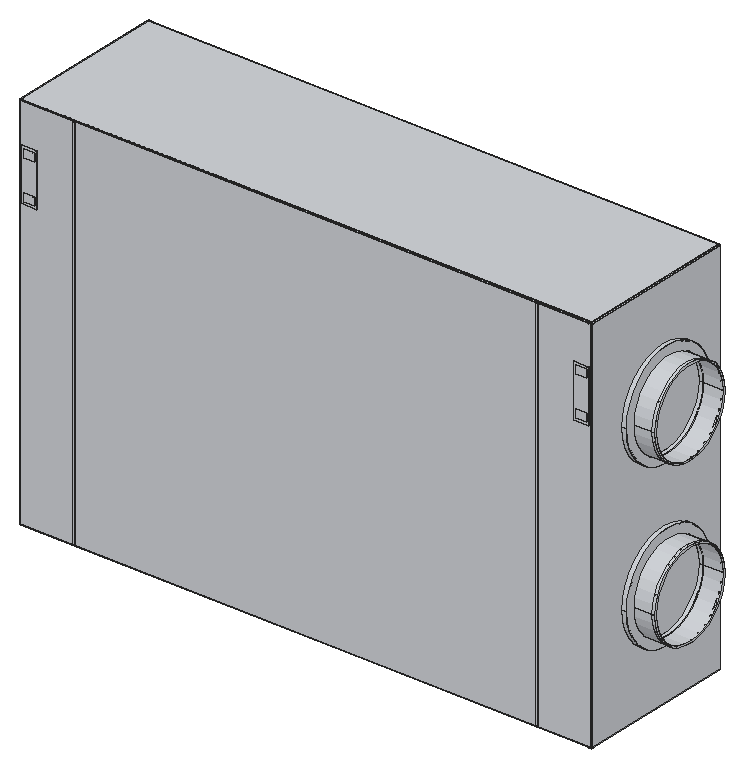
Revit family "Flexit Nordic CL 4 R E 800 R 230", category Mechanical Equipment, Revit 2018
Family settings
  Round Connector Dimension = Use Radius
  Part Type = Normal
  Work Plane-Based = No
  Always vertical = Yes
  Cut with Voids When Loaded = No
  Shared = No
  Room Calculation Point = No
Parameters
  magiProductId = "Flexit Nordic CL 4 R E 800 R 230"
  magiPartTypeId = 210
  magiFamilyGeom = MagiCAD_Flexit Nordic CL 4 R E 800 R 230 : MagiCAD_Flexit Nordic CL 4 R E 800 R 230
  Ytelse  SFP-sum vinter [instance] = "1.42 kJ/m³"
  Weight = 0.00 kg
  Vifte, tilluft  Vinter  Vifteinstilling [instance] = "58 %"
  Vifte, tilluft  Sommer  Vifteinstilling [instance] = ""
  Vifte, avtrekksluft  Vinter  Vifteinstilling [instance] = "59 %"
  Vifte, avtrekksluft  Sommer  Vifteinstilling [instance] = ""
  VersionID = "1.0/2021.0"
  Varmegjenvinning  Vinter  Komponentvirkningsgrad, tilluft (EN308) [instance] = "81.8 %"
  Varmegjenvinning  Sommer  Komponentvirkningsgrad, tilluft (EN308) [instance] = ""
  Varmegjenvinning  Sommer  Aggregatvirkningsgrad, tilluft (EN13141-7) [instance] = ""
  Uteluft [instance] = "160 mm"
  Tilluftskanal, vinter [instance] = "41 51 58 55 55 56 50 41 dB(A)"
  Tilluft  Trykkfall vinter [instance] = 100.0 Pa
  Tilluft  Luftmengde vinter [instance] = "0.0556 m³/s"
  Tilluft [instance] = "160 mm"
  Supply 1 Sound power level [instance] = "67 67 66 59 55 55 49 42 dB"
  Supply 1 Pressure drop min [instance] = 90.0 Pa
  Supply 1 Pressure drop max [instance] = 110.0 Pa
  Supply 1 Pressure drop [instance] = 100.0 Pa
  Supply 1 Airflow operation point min [instance] = 52.7778 L/s
  Supply 1 Airflow operation point max [instance] = 58.3333 L/s
  Supply 1 Airflow min [instance] = 22.0 L/s
  Supply 1 Airflow max [instance] = 113.0 L/s
  Supply 1 Airflow [instance] = 55.5556 L/s
  Resultater  Vekt [instance] = "62 kg"
  Productdata [instance] = "© MagiCAD Group, all rights reserved"
  Pressure rise, supply [instance] = 100.0 Pa
  Pressure rise, extract [instance] = 100.0 Pa
  Outdoor 1 Sound power level [instance] = "67 67 66 59 55 55 49 42 dB"
  Outdoor 1 Pressure drop min [instance] = 0.0 Pa
  Outdoor 1 Pressure drop max [instance] = 0.0 Pa
  Outdoor 1 Pressure drop [instance] = 0.0 Pa
  Outdoor 1 Airflow operation point min [instance] = 52.7778 L/s
  Outdoor 1 Airflow operation point max [instance] = 58.3333 L/s
  Outdoor 1 Airflow min [instance] = 22.0 L/s
  Outdoor 1 Airflow max [instance] = 113.0 L/s
  Outdoor 1 Airflow [instance] = 55.5556 L/s
  Omgivelse, vinter [instance] = "26 30 40 39 35 37 34 24 dB(A)"
  Kjøkkenkanal [instance] = "125 mm"
  Himling, vinter [instance] = "26 25 34 28 26 28 24 14 dB(A)"
  Generelt  Informasjon [instance] = ""
  Generelt  Beskrivelse / Plassering [instance] = ""
  Extract 9 Sound power level [instance] = "60 62 58 47 39 37 27 23 dB"
  Extract 9 Pressure drop min [instance] = 0.0 Pa
  Extract 9 Pressure drop max [instance] = 0.0 Pa
  Extract 9 Pressure drop [instance] = 0.0 Pa
  Extract 9 Airflow operation point min [instance] = 52.7778 L/s
  Extract 9 Airflow operation point max [instance] = 58.3333 L/s
  Extract 9 Airflow min [instance] = 22.0 L/s
  Extract 9 Airflow max [instance] = 113.0 L/s
  Extract 9 Airflow [instance] = 55.5556 L/s
  Extract 1 Sound power level [instance] = "60 62 58 47 39 37 27 23 dB"
  Extract 1 Pressure drop min [instance] = 90.0 Pa
  Extract 1 Pressure drop max [instance] = 110.0 Pa
  Extract 1 Pressure drop [instance] = 100.0 Pa
  Extract 1 Airflow operation point min [instance] = 52.7778 L/s
  Extract 1 Airflow operation point max [instance] = 58.3333 L/s
  Extract 1 Airflow min [instance] = 22.0 L/s
  Extract 1 Airflow max [instance] = 113.0 L/s
  Extract 1 Airflow [instance] = 55.5556 L/s
  Exhaust 1 Sound power level [instance] = "60 62 58 47 39 37 27 23 dB"
  Exhaust 1 Pressure drop min [instance] = 0.0 Pa
  Exhaust 1 Pressure drop max [instance] = 0.0 Pa
  Exhaust 1 Pressure drop [instance] = 0.0 Pa
  Exhaust 1 Airflow operation point min [instance] = 52.7778 L/s
  Exhaust 1 Airflow operation point max [instance] = 58.3333 L/s
  Exhaust 1 Airflow min [instance] = 22.0 L/s
  Exhaust 1 Airflow max [instance] = 113.0 L/s
  Exhaust 1 Airflow [instance] = 55.5556 L/s
  Dimensjoner [instance] = "1149x296x767 mm"
  Avtrekkskanal, vinter [instance] = "34 46 50 43 39 39 28 22 dB(A)"
  Avtrekk  Trykkfall vinter [instance] = 100.0 Pa
  Avtrekk  Luftmengde vinter [instance] = "0.0556 m³/s"
  Avtrekk [instance] = "160 mm"
  Avkast [instance] = "160 mm"
Reference planes
  plane 1 "Center (Front/Back)": y = 0
  plane 2: z = 0
  plane 3 "Center (Left/Right)": x = 0
Forms (mm)
  Extrusion 1, solid, not visible
    sketch origin (0, 163, 267) x (0, -1, 0) y (0, 0, 1)
      loop
        line (-15.24, -15.24) -> (15.24, -15.24) -> (15.24, 15.24) -> (-15.24, 15.24) -> (-15.24, -15.24)
    from 0 to -30.48
  Extrusion 2, solid, not visible
    sketch origin (1149, 163, 567) x (0, 1, 0) y (0, 0, 1)
      loop
        line (15.24, 15.24) -> (-15.24, 15.24) -> (-15.24, -15.24) -> (15.24, -15.24) -> (15.24, 15.24)
    from 0 to -30.48
  Extrusion 3, solid, not visible
    sketch origin (0, 163, 567) x (0, -1, 0) y (0, 0, 1)
      loop
        line (-15.24, -15.24) -> (15.24, -15.24) -> (15.24, 15.24) -> (-15.24, 15.24) -> (-15.24, -15.24)
    from 0 to -30.48
  Extrusion 4, solid, not visible
    sketch origin (861, 163, 0) x (0, 1, 0) y (1, 0, 0)
      loop
        line (-15.24, 15.24) -> (-15.24, -15.24) -> (15.24, -15.24) -> (15.24, 15.24) -> (-15.24, 15.24)
    from 0 to -30.48
  Extrusion 5, solid, not visible
    sketch origin (1149, 163, 267) x (0, 1, 0) y (0, 0, 1)
      loop
        line (15.24, 15.24) -> (-15.24, 15.24) -> (-15.24, -15.24) -> (15.24, -15.24) -> (15.24, 15.24)
    from 0 to -30.48
Text (mm)
  text "© MagiCAD Group, all rights reserved" at (-487.68, -1524, 0), in view "Ref. Level"
Nested families
  nested 1: "MagiCAD_Flexit Nordic CL 4 R E 800 R 230" at (0, 0, 0), type <- "magiFamilyGeom", type "MagiCAD_Flexit Nordic CL 4 R E 800 R 230"
Connectors
  hvac at (0, 163, 267)
    settings: on Extrusion 1, index 1, duct flow 0.0 L/s, flow factor 0, pres drop 0.0 Pa, loss coef 0, conn angle 0.00°, conn width 304.8 mm, conn height 304.8 mm, conn diameter 160 mm, duct sys type 1, conn prof type 0, flow config 0, flow direction 2, loss method 0, conn ref index -1, conn util no, is conn primary yes, conn desc "Supply 1"
  hvac at (1149, 163, 567)
    settings: on Extrusion 2, index 2, duct flow 0.0 L/s, flow factor 0, pres drop 0.0 Pa, loss coef 0, conn angle 0.00°, conn width 304.8 mm, conn height 304.8 mm, conn diameter 160 mm, duct sys type 1, conn prof type 0, flow config 0, flow direction 1, loss method 0, conn ref index -1, conn util no, is conn primary no, conn desc "Outdoor 1"
  hvac at (0, 163, 567)
    settings: on Extrusion 3, index 3, duct flow 0.0 L/s, flow factor 0, pres drop 0.0 Pa, loss coef 0, conn angle 0.00°, conn width 304.8 mm, conn height 304.8 mm, conn diameter 160 mm, duct sys type 2, conn prof type 0, flow config 0, flow direction 1, loss method 0, conn ref index -1, conn util no, is conn primary no, conn desc "Extract 1"
  hvac at (861, 163, 0)
    settings: on Extrusion 4, index 4, duct flow 0.0 L/s, flow factor 0, pres drop 0.0 Pa, loss coef 0, conn angle 0.00°, conn width 304.8 mm, conn height 304.8 mm, conn diameter 125 mm, duct sys type 2, conn prof type 0, flow config 0, flow direction 1, loss method 0, conn ref index -1, conn util no, is conn primary no, conn desc "Extract 9"
  hvac at (1149, 163, 267)
    settings: on Extrusion 5, index 5, duct flow 0.0 L/s, flow factor 0, pres drop 0.0 Pa, loss coef 0, conn angle 0.00°, conn width 304.8 mm, conn height 304.8 mm, conn diameter 160 mm, duct sys type 3, conn prof type 0, flow config 0, flow direction 2, loss method 0, conn ref index -1, conn util no, is conn primary no, conn desc "Exhaust 1"
Definition of nested family "MagiCAD_Flexit Nordic CL 4 R E 800 R 230"
  Reference planes
    plane 1 "Center (Front/Back)": y = 0
    plane 2: z = 0
    plane 3 "Center (Left/Right)": x = 0
  Forms (mm)
    Extrusion 1, solid
      sketch origin (1099.5, 163, 267) x (0, 1, 0) y (0, 0, 1)
        loop
          circle (0, 0) r 79.9
      from 0 to 2
    Extrusion 2, void
      sketch origin (1099.5, 163, 267) x (0, 1, 0) y (0, 0, 1)
        loop
          circle (0, 0) r 79.7
      from 0.2 to 2
    Extrusion 3, solid
      sketch origin (1099.5, 163, 267) x (0, 1, 0) y (0, 0, 1)
        loop
          circle (0, 0) r 80
      from 0 to 49.5
    Extrusion 4, void
      sketch origin (1099.5, 163, 267) x (0, 1, 0) y (0, 0, 1)
        loop
          circle (0, 0) r 79.8
      from 0 to 49.5
    Extrusion 5, solid
      sketch origin (1099.5, 163, 267) x (0, 1, 0) y (0, 0, 1)
        loop
          circle (0, 0) r 96
      from 0 to 10
    Extrusion 6, void
      sketch origin (1099.5, 163, 267) x (0, 1, 0) y (0, 0, 1)
        loop
          circle (0, 0) r 95.8
      from 0 to 10
    Extrusion 7, solid
      sketch origin (1144.05, 163, 267) x (0, 1, 0) y (0, 0, 1)
        loop
          circle (0, 0) r 80.05
      from 0 to 4.95
    Extrusion 8, void
      sketch origin (1144.05, 163, 267) x (0, 1, 0) y (0, 0, 1)
        loop
          circle (0, 0) r 79.85
      from 0 to 4.95
    Extrusion 9, solid
      sketch origin (49.5, 163, 567) x (0, -1, 0) y (0, 0, 1)
        loop
          circle (0, 0) r 79.9
      from 0 to 2
    Extrusion 10, void
      sketch origin (49.5, 163, 567) x (0, -1, 0) y (0, 0, 1)
        loop
          circle (0, 0) r 79.7
      from 0.2 to 2
    Extrusion 11, solid
      sketch origin (49.5, 163, 567) x (0, -1, 0) y (0, 0, 1)
        loop
          circle (0, 0) r 80
      from 0 to 49.5
    Extrusion 12, void
      sketch origin (49.5, 163, 567) x (0, -1, 0) y (0, 0, 1)
        loop
          circle (0, 0) r 79.8
      from 0 to 49.5
    Extrusion 13, solid
      sketch origin (49.5, 163, 567) x (0, -1, 0) y (0, 0, 1)
        loop
          circle (0, 0) r 96
      from 0 to 10
    Extrusion 14, void
      sketch origin (49.5, 163, 567) x (0, -1, 0) y (0, 0, 1)
        loop
          circle (0, 0) r 95.8
      from 0 to 10
    Extrusion 15, solid
      sketch origin (4.95, 163, 567) x (0, -1, 0) y (0, 0, 1)
        loop
          circle (0, 0) r 80.05
      from 0 to 4.95
    Extrusion 16, void
      sketch origin (4.95, 163, 567) x (0, -1, 0) y (0, 0, 1)
        loop
          circle (0, 0) r 79.85
      from 0 to 4.95
    Extrusion 17, solid
      sketch origin (1099.5, 163, 567) x (0, 1, 0) y (0, 0, 1)
        loop
          circle (0, 0) r 79.9
      from 0 to 2
    Extrusion 18, void
      sketch origin (1099.5, 163, 567) x (0, 1, 0) y (0, 0, 1)
        loop
          circle (0, 0) r 79.7
      from 0.2 to 2
    Extrusion 19, solid
      sketch origin (1099.5, 163, 567) x (0, 1, 0) y (0, 0, 1)
        loop
          circle (0, 0) r 80
      from 0 to 49.5
    Extrusion 20, void
      sketch origin (1099.5, 163, 567) x (0, 1, 0) y (0, 0, 1)
        loop
          circle (0, 0) r 79.8
      from 0 to 49.5
    Extrusion 21, solid
      sketch origin (1099.5, 163, 567) x (0, 1, 0) y (0, 0, 1)
        loop
          circle (0, 0) r 96
      from 0 to 10
    Extrusion 22, void
      sketch origin (1099.5, 163, 567) x (0, 1, 0) y (0, 0, 1)
        loop
          circle (0, 0) r 95.8
      from 0 to 10
    Extrusion 23, solid
      sketch origin (1144.05, 163, 567) x (0, 1, 0) y (0, 0, 1)
        loop
          circle (0, 0) r 80.05
      from 0 to 4.95
    Extrusion 24, void
      sketch origin (1144.05, 163, 567) x (0, 1, 0) y (0, 0, 1)
        loop
          circle (0, 0) r 79.85
      from 0 to 4.95
    Extrusion 25, solid
      sketch origin (49.5, 163, 267) x (0, -1, 0) y (0, 0, 1)
        loop
          circle (0, 0) r 79.9
      from 0 to 2
    Extrusion 26, void
      sketch origin (49.5, 163, 267) x (0, -1, 0) y (0, 0, 1)
        loop
          circle (0, 0) r 79.7
      from 0.2 to 2
    Extrusion 27, solid
      sketch origin (49.5, 163, 267) x (0, -1, 0) y (0, 0, 1)
        loop
          circle (0, 0) r 80
      from 0 to 49.5
    Extrusion 28, void
      sketch origin (49.5, 163, 267) x (0, -1, 0) y (0, 0, 1)
        loop
          circle (0, 0) r 79.8
      from 0 to 49.5
    Extrusion 29, solid
      sketch origin (49.5, 163, 267) x (0, -1, 0) y (0, 0, 1)
        loop
          circle (0, 0) r 96
      from 0 to 10
    Extrusion 30, void
      sketch origin (49.5, 163, 267) x (0, -1, 0) y (0, 0, 1)
        loop
          circle (0, 0) r 95.8
      from 0 to 10
    Extrusion 31, solid
      sketch origin (4.95, 163, 267) x (0, -1, 0) y (0, 0, 1)
        loop
          circle (0, 0) r 80.05
      from 0 to 4.95
    Extrusion 32, void
      sketch origin (4.95, 163, 267) x (0, -1, 0) y (0, 0, 1)
        loop
          circle (0, 0) r 79.85
      from 0 to 4.95
    Extrusion 33, solid
      sketch origin (861, 163, 67) x (0, 1, 0) y (1, 0, 0)
        loop
          circle (0, 0) r 62.4
      from 0 to 2
    Extrusion 34, void
      sketch origin (861, 163, 67) x (0, 1, 0) y (1, 0, 0)
        loop
          circle (0, 0) r 62.2
      from 0.2 to 2
    Extrusion 35, solid
      sketch origin (861, 163, 67) x (0, 1, 0) y (1, 0, 0)
        loop
          circle (0, 0) r 62.5
      from 0 to 67
    Extrusion 36, void
      sketch origin (861, 163, 67) x (0, 1, 0) y (1, 0, 0)
        loop
          circle (0, 0) r 62.3
      from 0 to 67
    Extrusion 37, solid
      sketch origin (861, 163, 67) x (0, 1, 0) y (1, 0, 0)
        loop
          circle (0, 0) r 75
      from 0 to 10
    Extrusion 38, void
      sketch origin (861, 163, 67) x (0, 1, 0) y (1, 0, 0)
        loop
          circle (0, 0) r 74.8
      from 0 to 10
    Extrusion 39, solid
      sketch origin (861, 163, 6.7) x (0, 1, 0) y (1, 0, 0)
        loop
          circle (0, 0) r 62.55
      from 0 to 6.7
    Extrusion 40, void
      sketch origin (861, 163, 6.7) x (0, 1, 0) y (1, 0, 0)
        loop
          circle (0, 0) r 62.35
      from 0 to 6.7
    Extrusion 41, solid
      sketch origin (1109.5, 163, 267) x (0, 1, 0) y (0, 0, 1)
        loop
          circle (0, 0) r 80.05
        loop
          circle (0, 0) r 96
      from -0.1 to 0.1
    Extrusion 42, solid
      sketch origin (1101.5, 163, 267) x (0, 1, 0) y (0, 0, 1)
        loop
          circle (0, 0) r 79.9
      from -0.1 to 0.1
    Extrusion 43, solid
      sketch origin (1149, 163, 267) x (0, 1, 0) y (0, 0, 1)
        loop
          circle (0, 0) r 78
        loop
          circle (0, 0) r 80
      from -0.1 to 0.1
    Extrusion 44, solid
      sketch origin (39.5, 163, 567) x (0, -1, 0) y (0, 0, 1)
        loop
          circle (0, 0) r 80.05
        loop
          circle (0, 0) r 96
      from -0.1 to 0.1
    Extrusion 45, solid
      sketch origin (47.5, 163, 567) x (0, -1, 0) y (0, 0, 1)
        loop
          circle (0, 0) r 79.9
      from -0.1 to 0.1
    Extrusion 46, solid
      sketch origin (0, 163, 567) x (0, -1, 0) y (0, 0, 1)
        loop
          circle (0, 0) r 78
        loop
          circle (0, 0) r 80
      from -0.1 to 0.1
    Extrusion 47, solid
      sketch origin (1109.5, 163, 567) x (0, 1, 0) y (0, 0, 1)
        loop
          circle (0, 0) r 80.05
        loop
          circle (0, 0) r 96
      from -0.1 to 0.1
    Extrusion 48, solid
      sketch origin (1101.5, 163, 567) x (0, 1, 0) y (0, 0, 1)
        loop
          circle (0, 0) r 79.9
      from -0.1 to 0.1
    Extrusion 49, solid
      sketch origin (1149, 163, 567) x (0, 1, 0) y (0, 0, 1)
        loop
          circle (0, 0) r 78
        loop
          circle (0, 0) r 80
      from -0.1 to 0.1
    Extrusion 50, solid
      sketch origin (39.5, 163, 267) x (0, -1, 0) y (0, 0, 1)
        loop
          circle (0, 0) r 80.05
        loop
          circle (0, 0) r 96
      from -0.1 to 0.1
    Extrusion 51, solid
      sketch origin (47.5, 163, 267) x (0, -1, 0) y (0, 0, 1)
        loop
          circle (0, 0) r 79.9
      from -0.1 to 0.1
    Extrusion 52, solid
      sketch origin (0, 163, 267) x (0, -1, 0) y (0, 0, 1)
        loop
          circle (0, 0) r 75.05
        loop
          circle (0, 0) r 80
      from -0.1 to 0.1
    Extrusion 53, solid
      sketch origin (861, 163, 57) x (0, 1, 0) y (1, 0, 0)
        loop
          circle (0, 0) r 62.55
        loop
          circle (0, 0) r 75
      from -0.1 to 0.1
    Extrusion 54, solid
      sketch origin (861, 163, 65) x (0, 1, 0) y (1, 0, 0)
        loop
          circle (0, 0) r 62.4
      from -0.1 to 0.1
    Extrusion 55, solid
      sketch origin (861, 163, 0) x (0, 1, 0) y (1, 0, 0)
        loop
          circle (0, 0) r 60.5
        loop
          circle (0, 0) r 62.5
      from -0.1 to 0.1
    Extrusion 56, solid
      sketch origin (51.5, 294, 765) x (1, 0, 0) y (0, 1, 0)
        loop
          line (1046, 0) -> (1046, 2) -> (0, 2) -> (0, 0) -> (1046, 0)
      from -0.1 to 0.1
    Extrusion 57, solid
      sketch origin (51.5, 294, 767) x (0, 0, 1) y (1, 0, 0)
        loop
          line (0, 1046) -> (-2, 1046) -> (-2, 0) -> (0, 0) -> (0, 1046)
      from -0.1 to 0.1
    Extrusion 58, solid
      sketch origin (51.5, 296, 765) x (1, 0, 0) y (0, -0.707107, 0.707107)
        loop
          line (1046, 0) -> (1046, 2.828) -> (0, 2.828) -> (0, 0) -> (1046, 0)
      from -0.1 to 0.1
    Extrusion 59, solid
      sketch origin (1097.5, 294, 765) x (0, 1, 0) y (0, 0, 1)
        loop
          line (2, 0) -> (0, 2) -> (0, 0) -> (2, 0)
      from -0.1 to 0.1
    Extrusion 60, solid
      sketch origin (51.5, 294, 765) x (0, 1, 0) y (0, 0, 1)
        loop
          line (2, 0) -> (0, 2) -> (0, 0) -> (2, 0)
      from -0.1 to 0.1
    Extrusion 61, solid
      sketch origin (51.5, 294, 69) x (0, 0, 1) y (1, 0, 0)
        loop
          line (0, 1046) -> (-2, 1046) -> (-2, 0) -> (0, 0) -> (0, 1046)
      from -0.1 to 0.1
    Extrusion 62, solid
      sketch origin (51.5, 296, 69) x (0, 1, 0) y (1, 0, 0)
        loop
          line (0, 1046) -> (-2, 1046) -> (-2, 0) -> (0, 0) -> (0, 1046)
      from -0.1 to 0.1
    Extrusion 63, solid
      sketch origin (51.5, 294, 67) x (1, 0, 0) y (0, 0.707107, 0.707107)
        loop
          line (1046, 0) -> (1046, 2.828) -> (0, 2.828) -> (0, 0) -> (1046, 0)
      from -0.1 to 0.1
    Extrusion 64, solid
      sketch origin (1097.5, 294, 69) x (0, 1, 0) y (0, 0, 1)
        loop
          line (0, -2) -> (2, 0) -> (0, 0) -> (0, -2)
      from -0.1 to 0.1
    Extrusion 65, solid
      sketch origin (51.5, 294, 69) x (0, 1, 0) y (0, 0, 1)
        loop
          line (0, -2) -> (2, 0) -> (0, 0) -> (0, -2)
      from -0.1 to 0.1
    Extrusion 66, solid
      sketch origin (1097.5, 294, 765) x (0, 1, 0) y (0, 0, 1)
        loop
          line (0, -696) -> (2, -696) -> (2, 0) -> (0, 0) -> (0, -696)
      from -0.1 to 0.1
    Extrusion 67, solid
      sketch origin (1099.5, 294, 765) x (0, 0, 1) y (1, 0, 0)
        loop
          line (-696, 0) -> (-696, -2) -> (0, -2) -> (0, 0) -> (-696, 0)
      from -0.1 to 0.1
    Extrusion 68, solid
      sketch origin (1097.5, 296, 765) x (0.707107, -0.707107, 0) y (0, 0, 1)
        loop
          line (0, -696) -> (2.828, -696) -> (2.828, 0) -> (0, 0) -> (0, -696)
      from -0.1 to 0.1
    Extrusion 69, solid
      sketch origin (1097.5, 294, 69) x (0, 1, 0) y (1, 0, 0)
        loop
          line (2, 0) -> (0, 2) -> (0, 0) -> (2, 0)
      from -0.1 to 0.1
    Extrusion 70, solid
      sketch origin (1097.5, 294, 765) x (0, 1, 0) y (1, 0, 0)
        loop
          line (2, 0) -> (0, 2) -> (0, 0) -> (2, 0)
      from -0.1 to 0.1
    Extrusion 71, solid
      sketch origin (51.5, 294, 765) x (0, 1, 0) y (0, 0, 1)
        loop
          line (0, -696) -> (2, -696) -> (2, 0) -> (0, 0) -> (0, -696)
      from -0.1 to 0.1
    Extrusion 72, solid
      sketch origin (49.5, 294, 765) x (0, 0, -1) y (1, 0, 0)
        loop
          line (696, 0) -> (696, 2) -> (0, 2) -> (0, 0) -> (696, 0)
      from -0.1 to 0.1
    Extrusion 73, solid
      sketch origin (51.5, 296, 765) x (0.707107, 0.707107, 0) y (0, 0, -1)
        loop
          line (0, 696) -> (-2.828, 696) -> (-2.828, 0) -> (0, 0) -> (0, 696)
      from -0.1 to 0.1
    Extrusion 74, solid
      sketch origin (51.5, 294, 69) x (1, 0, 0) y (0, 1, 0)
        loop
          line (0, 2) -> (-2, 0) -> (0, 0) -> (0, 2)
      from -0.1 to 0.1
    Extrusion 75, solid
      sketch origin (51.5, 294, 765) x (1, 0, 0) y (0, 1, 0)
        loop
          line (0, 2) -> (-2, 0) -> (0, 0) -> (0, 2)
      from -0.1 to 0.1
    Extrusion 76, solid
      sketch origin (1097.5, 2, 765) x (0, 0, -1) y (1, 0, 0)
        loop
          line (696, 0) -> (696, 2) -> (0, 2) -> (0, 0) -> (696, 0)
      from -0.1 to 0.1
    Extrusion 77, solid
      sketch origin (1097.5, 0, 765) x (0, 1, 0) y (0, 0, 1)
        loop
          line (0, -696) -> (2, -696) -> (2, 0) -> (0, 0) -> (0, -696)
      from -0.1 to 0.1
    Extrusion 78, solid
      sketch origin (1099.5, 2, 765) x (0.707107, 0.707107, 0) y (0, 0, -1)
        loop
          line (0, 696) -> (-2.828, 696) -> (-2.828, 0) -> (0, 0) -> (0, 696)
      from -0.1 to 0.1
    Extrusion 79, solid
      sketch origin (1097.5, 2, 69) x (0, 1, 0) y (1, 0, 0)
        loop
          line (0, 2) -> (-2, 0) -> (0, 0) -> (0, 2)
      from -0.1 to 0.1
    Extrusion 80, solid
      sketch origin (1097.5, 2, 765) x (0, 1, 0) y (1, 0, 0)
        loop
          line (0, 2) -> (-2, 0) -> (0, 0) -> (0, 2)
      from -0.1 to 0.1
    Extrusion 81, solid
      sketch origin (51.5, 2, 765) x (0, 0, 1) y (1, 0, 0)
        loop
          line (-696, 0) -> (-696, -2) -> (0, -2) -> (0, 0) -> (-696, 0)
      from -0.1 to 0.1
    Extrusion 82, solid
      sketch origin (51.5, 0, 765) x (0, 1, 0) y (0, 0, 1)
        loop
          line (0, -696) -> (2, -696) -> (2, 0) -> (0, 0) -> (0, -696)
      from -0.1 to 0.1
    Extrusion 83, solid
      sketch origin (49.5, 2, 765) x (0.707107, -0.707107, 0) y (0, 0, 1)
        loop
          line (0, -696) -> (2.828, -696) -> (2.828, 0) -> (0, 0) -> (0, -696)
      from -0.1 to 0.1
    Extrusion 84, solid
      sketch origin (51.5, 2, 69) x (1, 0, 0) y (0, 1, 0)
        loop
          line (-2, 0) -> (0, -2) -> (0, 0) -> (-2, 0)
      from -0.1 to 0.1
    Extrusion 85, solid
      sketch origin (51.5, 2, 765) x (1, 0, 0) y (0, 1, 0)
        loop
          line (-2, 0) -> (0, -2) -> (0, 0) -> (-2, 0)
      from -0.1 to 0.1
    Extrusion 86, solid
      sketch origin (51.5, 2, 765) x (0, 0, -1) y (1, 0, 0)
        loop
          line (0, 1046) -> (-2, 1046) -> (-2, 0) -> (0, 0) -> (0, 1046)
      from -0.1 to 0.1
    Extrusion 87, solid
      sketch origin (51.5, 0, 765) x (1, 0, 0) y (0, 1, 0)
        loop
          line (1046, 0) -> (1046, 2) -> (0, 2) -> (0, 0) -> (1046, 0)
      from -0.1 to 0.1
    Extrusion 88, solid
      sketch origin (51.5, 2, 767) x (1, 0, 0) y (0, -0.707107, -0.707107)
        loop
          line (1046, 0) -> (1046, 2.828) -> (0, 2.828) -> (0, 0) -> (1046, 0)
      from -0.1 to 0.1
    Extrusion 89, solid
      sketch origin (1097.5, 2, 765) x (0, 1, 0) y (0, 0, 1)
        loop
          line (0, 2) -> (-2, 0) -> (0, 0) -> (0, 2)
      from -0.1 to 0.1
    Extrusion 90, solid
      sketch origin (51.5, 2, 765) x (0, 1, 0) y (0, 0, 1)
        loop
          line (0, 2) -> (-2, 0) -> (0, 0) -> (0, 2)
      from -0.1 to 0.1
    Extrusion 91, solid
      sketch origin (51.5, 2, 69) x (0, 1, 0) y (1, 0, 0)
        loop
          line (0, 1046) -> (-2, 1046) -> (-2, 0) -> (0, 0) -> (0, 1046)
      from -0.1 to 0.1
    Extrusion 92, solid
      sketch origin (51.5, 2, 67) x (0, 0, -1) y (1, 0, 0)
        loop
          line (0, 1046) -> (-2, 1046) -> (-2, 0) -> (0, 0) -> (0, 1046)
      from -0.1 to 0.1
    Extrusion 93, solid
      sketch origin (51.5, 0, 69) x (1, 0, 0) y (0, 0.707107, -0.707107)
        loop
          line (1046, 0) -> (1046, 2.828) -> (0, 2.828) -> (0, 0) -> (1046, 0)
      from -0.1 to 0.1
    Extrusion 94, solid
      sketch origin (1097.5, 2, 69) x (0, 1, 0) y (0, 0, 1)
        loop
          line (-2, 0) -> (0, -2) -> (0, 0) -> (-2, 0)
      from -0.1 to 0.1
    Extrusion 95, solid
      sketch origin (51.5, 2, 69) x (0, 1, 0) y (0, 0, 1)
        loop
          line (-2, 0) -> (0, -2) -> (0, 0) -> (-2, 0)
      from -0.1 to 0.1
    Extrusion 96, solid
      sketch origin (1097.5, 2, 765) x (0, 1, 0) y (0, 0, 1)
        loop
          line (292, 0) -> (292, 2) -> (0, 2) -> (0, 0) -> (292, 0)
      from -0.1 to 0.1
    Extrusion 97, solid
      sketch origin (1099.5, 2, 765) x (1, 0, 0) y (0, 1, 0)
        loop
          line (0, 292) -> (-2, 292) -> (-2, 0) -> (0, 0) -> (0, 292)
      from -0.1 to 0.1
    Extrusion 98, solid
      sketch origin (1097.5, 2, 767) x (0.707107, 0, -0.707107) y (0, -1, 0)
        loop
          line (0, -292) -> (2.828, -292) -> (2.828, 0) -> (0, 0) -> (0, -292)
      from -0.1 to 0.1
    Extrusion 99, solid
      sketch origin (1097.5, 294, 765) x (0, 0, 1) y (1, 0, 0)
        loop
          line (2, 0) -> (0, 2) -> (0, 0) -> (2, 0)
      from -0.1 to 0.1
    Extrusion 100, solid
      sketch origin (1097.5, 2, 765) x (0, 0, 1) y (1, 0, 0)
        loop
          line (2, 0) -> (0, 2) -> (0, 0) -> (2, 0)
      from -0.1 to 0.1
    Extrusion 101, solid
      sketch origin (1097.5, 2, 69) x (0, 1, 0) y (1, 0, 0)
        loop
          line (292, 0) -> (292, 2) -> (0, 2) -> (0, 0) -> (292, 0)
      from -0.1 to 0.1
    Extrusion 102, solid
      sketch origin (1097.5, 2, 67) x (0, 1, 0) y (0, 0, 1)
        loop
          line (292, 0) -> (292, 2) -> (0, 2) -> (0, 0) -> (292, 0)
      from -0.1 to 0.1
    Extrusion 103, solid
      sketch origin (1099.5, 2, 69) x (0.707107, 0, 0.707107) y (0, 1, 0)
        loop
          line (0, 292) -> (-2.828, 292) -> (-2.828, 0) -> (0, 0) -> (0, 292)
      from -0.1 to 0.1
    Extrusion 104, solid
      sketch origin (1097.5, 294, 69) x (0, 0, 1) y (1, 0, 0)
        loop
          line (0, 2) -> (-2, 0) -> (0, 0) -> (0, 2)
      from -0.1 to 0.1
    Extrusion 105, solid
      sketch origin (1097.5, 2, 69) x (0, 0, 1) y (1, 0, 0)
        loop
          line (0, 2) -> (-2, 0) -> (0, 0) -> (0, 2)
      from -0.1 to 0.1
    Extrusion 106, solid
      sketch origin (51.5, 2, 765) x (0, 1, 0) y (0, 0, 1)
        loop
          line (292, 0) -> (292, 2) -> (0, 2) -> (0, 0) -> (292, 0)
      from -0.1 to 0.1
    Extrusion 107, solid
      sketch origin (49.5, 2, 765) x (0, 1, 0) y (1, 0, 0)
        loop
          line (292, 0) -> (292, 2) -> (0, 2) -> (0, 0) -> (292, 0)
      from -0.1 to 0.1
    Extrusion 108, solid
      sketch origin (51.5, 2, 767) x (0.707107, 0, 0.707107) y (0, 1, 0)
        loop
          line (0, 292) -> (-2.828, 292) -> (-2.828, 0) -> (0, 0) -> (0, 292)
      from -0.1 to 0.1
    Extrusion 109, solid
      sketch origin (51.5, 294, 765) x (0, 0, -1) y (1, 0, 0)
        loop
          line (-2, 0) -> (0, -2) -> (0, 0) -> (-2, 0)
      from -0.1 to 0.1
    Extrusion 110, solid
      sketch origin (51.5, 2, 765) x (0, 0, -1) y (1, 0, 0)
        loop
          line (-2, 0) -> (0, -2) -> (0, 0) -> (-2, 0)
      from -0.1 to 0.1
    Extrusion 111, solid
      sketch origin (51.5, 2, 69) x (1, 0, 0) y (0, 1, 0)
        loop
          line (0, 292) -> (-2, 292) -> (-2, 0) -> (0, 0) -> (0, 292)
      from -0.1 to 0.1
    Extrusion 112, solid
      sketch origin (51.5, 2, 67) x (0, 1, 0) y (0, 0, 1)
        loop
          line (292, 0) -> (292, 2) -> (0, 2) -> (0, 0) -> (292, 0)
      from -0.1 to 0.1
    Extrusion 113, solid
      sketch origin (49.5, 2, 69) x (0.707107, 0, -0.707107) y (0, -1, 0)
        loop
          line (0, -292) -> (2.828, -292) -> (2.828, 0) -> (0, 0) -> (0, -292)
      from -0.1 to 0.1
    Extrusion 114, solid
      sketch origin (51.5, 294, 69) x (0, 0, -1) y (1, 0, 0)
        loop
          line (0, -2) -> (2, 0) -> (0, 0) -> (0, -2)
      from -0.1 to 0.1
    Extrusion 115, solid
      sketch origin (51.5, 2, 69) x (0, 0, -1) y (1, 0, 0)
        loop
          line (0, -2) -> (2, 0) -> (0, 0) -> (0, -2)
      from -0.1 to 0.1
    Extrusion 116, solid
      sketch origin (51.5, 2, 765) x (0, -1, 0) y (0, 0, 1)
        loop
          line (0, 2) -> (-292, 2) -> (-292, 0) -> (0, 0) -> (0, 2)
      from -0.1 to 0.1
    Extrusion 117, solid
      sketch origin (1097.5, 2, 765) x (0, 0, -1) y (1, 0, 0)
        loop
          line (-2, 0) -> (-2, -1046) -> (0, -1046) -> (0, 0) -> (-2, 0)
      from -0.1 to 0.1
    Extrusion 118, solid
      sketch origin (1097.5, 294, 765) x (0, 1, 0) y (0, 0, 1)
        loop
          line (0, 2) -> (-292, 2) -> (-292, 0) -> (0, 0) -> (0, 2)
      from -0.1 to 0.1
    Extrusion 119, solid
      sketch origin (51.5, 294, 765) x (0, 0, 1) y (1, 0, 0)
        loop
          line (2, 0) -> (2, 1046) -> (0, 1046) -> (0, 0) -> (2, 0)
      from -0.1 to 0.1
    Extrusion 120, solid
      sketch origin (1097.5, 2, 767) x (1, 0, 0) y (0, 1, 0)
        loop
          line (0, 292) -> (-1046, 292) -> (-1046, 0) -> (0, 0) -> (0, 292)
      from -0.1 to 0.1
    Extrusion 121, solid
      sketch origin (1097.5, 2, 765) x (1, 0, 0) y (0, 1, 0)
        loop
          line (0, 292) -> (-1046, 292) -> (-1046, 0) -> (0, 0) -> (0, 292)
      from -0.1 to 0.1
    Extrusion 122, solid
      sketch origin (51.5, 2, 69) x (0, 0, 1) y (1, 0, 0)
        loop
          line (0, -2) -> (696, -2) -> (696, 0) -> (0, 0) -> (0, -2)
      from -0.1 to 0.1
    Extrusion 123, solid
      sketch origin (51.5, 294, 69) x (1, 0, 0) y (0, 1, 0)
        loop
          line (-2, 0) -> (-2, -292) -> (0, -292) -> (0, 0) -> (-2, 0)
      from -0.1 to 0.1
    Extrusion 124, solid
      sketch origin (51.5, 294, 765) x (0, 0, -1) y (1, 0, 0)
        loop
          line (0, -2) -> (696, -2) -> (696, 0) -> (0, 0) -> (0, -2)
      from -0.1 to 0.1
    Extrusion 125, solid
      sketch origin (51.5, 2, 765) x (0, 1, 0) y (1, 0, 0)
        loop
          line (0, -2) -> (292, -2) -> (292, 0) -> (0, 0) -> (0, -2)
      from -0.1 to 0.1
    Extrusion 126, solid
      sketch origin (49.5, 2, 69) x (0, -1, 0) y (0, 0, 1)
        loop
          line (0, 696) -> (-292, 696) -> (-292, 0) -> (0, 0) -> (0, 696)
      from -0.1 to 0.1
    Extrusion 127, solid
      sketch origin (51.5, 2, 69) x (0, -1, 0) y (0, 0, 1)
        loop
          line (0, 696) -> (-292, 696) -> (-292, 0) -> (0, 0) -> (0, 696)
      from -0.1 to 0.1
    Extrusion 128, solid
      sketch origin (51.5, 294, 69) x (0, 1, 0) y (0, 0, 1)
        loop
          line (2, 0) -> (2, 696) -> (0, 696) -> (0, 0) -> (2, 0)
      from -0.1 to 0.1
    Extrusion 129, solid
      sketch origin (1097.5, 294, 69) x (1, 0, 0) y (0, 1, 0)
        loop
          line (0, 2) -> (-1046, 2) -> (-1046, 0) -> (0, 0) -> (0, 2)
      from -0.1 to 0.1
    Extrusion 130, solid
      sketch origin (1097.5, 294, 765) x (0, -1, 0) y (0, 0, 1)
        loop
          line (-2, 0) -> (-2, -696) -> (0, -696) -> (0, 0) -> (-2, 0)
      from -0.1 to 0.1
    Extrusion 131, solid
      sketch origin (51.5, 294, 765) x (0, 1, 0) y (1, 0, 0)
        loop
          line (2, 0) -> (2, 1046) -> (0, 1046) -> (0, 0) -> (2, 0)
      from -0.1 to 0.1
    Extrusion 132, solid
      sketch origin (51.5, 296, 69) x (0, 0, 1) y (1, 0, 0)
        loop
          line (696, 0) -> (696, 1046) -> (0, 1046) -> (0, 0) -> (696, 0)
      from -0.1 to 0.1
    Extrusion 133, solid
      sketch origin (51.5, 294, 69) x (0, 0, 1) y (1, 0, 0)
        loop
          line (696, 0) -> (696, 1046) -> (0, 1046) -> (0, 0) -> (696, 0)
      from -0.1 to 0.1
    Extrusion 134, solid
      sketch origin (1097.5, 294, 69) x (0, 0, -1) y (1, 0, 0)
        loop
          line (0, 2) -> (-696, 2) -> (-696, 0) -> (0, 0) -> (0, 2)
      from -0.1 to 0.1
    Extrusion 135, solid
      sketch origin (1097.5, 2, 69) x (1, 0, 0) y (0, 1, 0)
        loop
          line (2, 0) -> (2, 292) -> (0, 292) -> (0, 0) -> (2, 0)
      from -0.1 to 0.1
    Extrusion 136, solid
      sketch origin (1097.5, 2, 765) x (0, 0, 1) y (1, 0, 0)
        loop
          line (0, 2) -> (-696, 2) -> (-696, 0) -> (0, 0) -> (0, 2)
      from -0.1 to 0.1
    Extrusion 137, solid
      sketch origin (1097.5, 294, 765) x (0, 1, 0) y (1, 0, 0)
        loop
          line (0, 2) -> (-292, 2) -> (-292, 0) -> (0, 0) -> (0, 2)
      from -0.1 to 0.1
    Extrusion 138, solid
      sketch origin (1099.5, 294, 69) x (0, 1, 0) y (0, 0, 1)
        loop
          line (0, 696) -> (-292, 696) -> (-292, 0) -> (0, 0) -> (0, 696)
      from -0.1 to 0.1
    Extrusion 139, solid
      sketch origin (1097.5, 294, 69) x (0, 1, 0) y (0, 0, 1)
        loop
          line (0, 696) -> (-292, 696) -> (-292, 0) -> (0, 0) -> (0, 696)
      from -0.1 to 0.1
    Extrusion 140, solid
      sketch origin (51.5, 2, 69) x (0, 1, 0) y (0, 0, 1)
        loop
          line (0, -2) -> (292, -2) -> (292, 0) -> (0, 0) -> (0, -2)
      from -0.1 to 0.1
    Extrusion 141, solid
      sketch origin (1097.5, 2, 69) x (0, 0, 1) y (1, 0, 0)
        loop
          line (-2, 0) -> (-2, -1046) -> (0, -1046) -> (0, 0) -> (-2, 0)
      from -0.1 to 0.1
    Extrusion 142, solid
      sketch origin (1097.5, 294, 69) x (0, -1, 0) y (0, 0, 1)
        loop
          line (0, -2) -> (292, -2) -> (292, 0) -> (0, 0) -> (0, -2)
      from -0.1 to 0.1
    Extrusion 143, solid
      sketch origin (51.5, 294, 69) x (0, 0, -1) y (1, 0, 0)
        loop
          line (2, 0) -> (2, 1046) -> (0, 1046) -> (0, 0) -> (2, 0)
      from -0.1 to 0.1
    Extrusion 144, solid
      sketch origin (51.5, 2, 67) x (0, 1, 0) y (1, 0, 0)
        loop
          line (292, 0) -> (292, 1046) -> (0, 1046) -> (0, 0) -> (292, 0)
      from -0.1 to 0.1
    Extrusion 145, solid
      sketch origin (51.5, 2, 69) x (0, 1, 0) y (1, 0, 0)
        loop
          line (292, 0) -> (292, 1046) -> (0, 1046) -> (0, 0) -> (292, 0)
      from -0.1 to 0.1
    Extrusion 146, solid
      sketch origin (1097.5, 296, 765) x (0.816497, -0.408248, -0.408248) y (0, -0.707107, 0.707107)
        loop
          line (2.449, 1.414) -> (0, 2.828) -> (0, 0) -> (2.449, 1.414)
      from -0.1 to 0.1
    Extrusion 147, solid
      sketch origin (1097.5, 2, 67) x (0.816497, 0.408248, 0.408248) y (0, 0.707107, -0.707107)
        loop
          line (0, -2.828) -> (2.449, -1.414) -> (0, 0) -> (0, -2.828)
      from -0.1 to 0.1
    Extrusion 148, solid
      sketch origin (1099.5, 2, 765) x (0.816497, 0.408248, -0.408248) y (0, 0.707107, 0.707107)
        loop
          line (-2.449, 1.414) -> (-2.449, -1.414) -> (0, 0) -> (-2.449, 1.414)
      from -0.1 to 0.1
    Extrusion 149, solid
      sketch origin (51.5, 296, 765) x (0.816497, 0.408248, 0.408248) y (0, 0.707107, -0.707107)
        loop
          line (-2.449, -1.414) -> (0, -2.828) -> (0, 0) -> (-2.449, -1.414)
      from -0.1 to 0.1
    Extrusion 150, solid
      sketch origin (49.5, 294, 69) x (0.816497, 0.408248, -0.408248) y (0, -0.707107, -0.707107)
        loop
          line (2.449, -1.414) -> (2.449, 1.414) -> (0, 0) -> (2.449, -1.414)
      from -0.1 to 0.1
    Extrusion 151, solid
      sketch origin (49.5, 2, 765) x (0.816497, -0.408248, 0.408248) y (0, 0.707107, 0.707107)
        loop
          line (2.449, -1.414) -> (2.449, 1.414) -> (0, 0) -> (2.449, -1.414)
      from -0.1 to 0.1
    Extrusion 152, solid
      sketch origin (1097.5, 0, 765) x (0, 0, -1) y (1, 0, 0)
        loop
          line (0, -1046) -> (696, -1046) -> (696, 0) -> (0, 0) -> (0, -1046)
      from -0.1 to 0.1
    Extrusion 153, solid
      sketch origin (1097.5, 294, 67) x (0.816497, -0.408248, 0.408248) y (0, 0.707107, 0.707107)
        loop
          line (2.449, 1.414) -> (0, 2.828) -> (0, 0) -> (2.449, 1.414)
      from -0.1 to 0.1
    Extrusion 154, solid
      sketch origin (51.5, 2, 67) x (0.816497, -0.408248, -0.408248) y (0, 0.707107, -0.707107)
        loop
          line (-2.449, -1.414) -> (0, -2.828) -> (0, 0) -> (-2.449, -1.414)
      from -0.1 to 0.1
    Extrusion 155, solid
      sketch origin (997.25, -0.1, 765) x (0, 0, 1) y (1, 0, 0)
        loop
          line (0, 4) -> (-696, 4) -> (-696, 0) -> (0, 0) -> (0, 4)
      from -0.1 to 0.1
    Extrusion 156, solid
      sketch origin (151.75, -0.1, 765) x (0, 0, -1) y (1, 0, 0)
        loop
          line (0, -4) -> (696, -4) -> (696, 0) -> (0, 0) -> (0, -4)
      from -0.1 to 0.1
    Extrusion 157, solid
      sketch origin (1066.219, -0.1, 692.813) x (0, 0, 1) y (1, 0, 0)
        loop
          line (0, 28.875) -> (-96.25, 28.875) -> (-96.25, 0) -> (0, 0) -> (0, 28.875)
      from -0.1 to 0.1
    Extrusion 158, solid
      sketch origin (82.781, -0.1, 692.813) x (0, 0, -1) y (1, 0, 0)
        loop
          line (0, -28.875) -> (96.25, -28.875) -> (96.25, 0) -> (0, 0) -> (0, -28.875)
      from -0.1 to 0.1
    Extrusion 159, solid
      sketch origin (1071.031, -0.2, 615.813) x (0, 0, 1) y (1, 0, 0)
        loop
          line (0, 19.25) -> (-14.437, 19.25) -> (-14.437, 0) -> (0, 0) -> (0, 19.25)
      from -0.1 to 0.1
    Extrusion 160, solid
      sketch origin (1071.031, -0.2, 673.562) x (0, 0, -1) y (1, 0, 0)
        loop
          line (0, 19.25) -> (-14.437, 19.25) -> (-14.437, 0) -> (0, 0) -> (0, 19.25)
      from -0.1 to 0.1
    Extrusion 161, solid
      sketch origin (77.969, -0.2, 615.813) x (0, 0, -1) y (1, 0, 0)
        loop
          line (0, -19.25) -> (14.437, -19.25) -> (14.437, 0) -> (0, 0) -> (0, -19.25)
      from -0.1 to 0.1
    Extrusion 162, solid
      sketch origin (77.969, -0.2, 673.562) x (0, 0, 1) y (1, 0, 0)
        loop
          line (0, -19.25) -> (14.437, -19.25) -> (14.437, 0) -> (0, 0) -> (0, -19.25)
      from -0.1 to 0.1
  Cuts and joins
    Extrusion 2 cuts Extrusion 1
    Extrusion 4 cuts Extrusion 3
    Extrusion 6 cuts Extrusion 5
    Extrusion 8 cuts Extrusion 7
    Extrusion 10 cuts Extrusion 9
    Extrusion 12 cuts Extrusion 11
    Extrusion 14 cuts Extrusion 13
    Extrusion 16 cuts Extrusion 15
    Extrusion 18 cuts Extrusion 17
    Extrusion 20 cuts Extrusion 19
    Extrusion 22 cuts Extrusion 21
    Extrusion 24 cuts Extrusion 23
    Extrusion 26 cuts Extrusion 25
    Extrusion 28 cuts Extrusion 27
    Extrusion 30 cuts Extrusion 29
    Extrusion 32 cuts Extrusion 31
    Extrusion 34 cuts Extrusion 33
    Extrusion 36 cuts Extrusion 35
    Extrusion 38 cuts Extrusion 37
    Extrusion 40 cuts Extrusion 39
  Lines and regions (mm)
    model lines
      curve 1: line (1097.5, 13.84, 767.05) -> (1099.55, 13.84, 765)
      curve 2: line (51.5, 13.84, 767.05) -> (49.45, 13.84, 765)
      curve 3: line (51.5, 13.84, 767.1) -> (1097.5, 13.84, 767.05)
      curve 4: line (51.5, 13.84, 66.9) -> (1097.5, 13.84, 66.95)
      curve 5: line (1099.55, 13.84, 765) -> (1099.6, 13.84, 69)
      curve 6: line (49.45, 13.84, 765) -> (49.4, 13.84, 69)
      curve 7: line (1097.5, 13.84, 67) -> (1099.6, 13.84, 69)
      curve 8: line (51.6, 13.84, 67) -> (49.5, 13.84, 69)
  Dimensions and locks
    aligned and locked: level to plane 2
